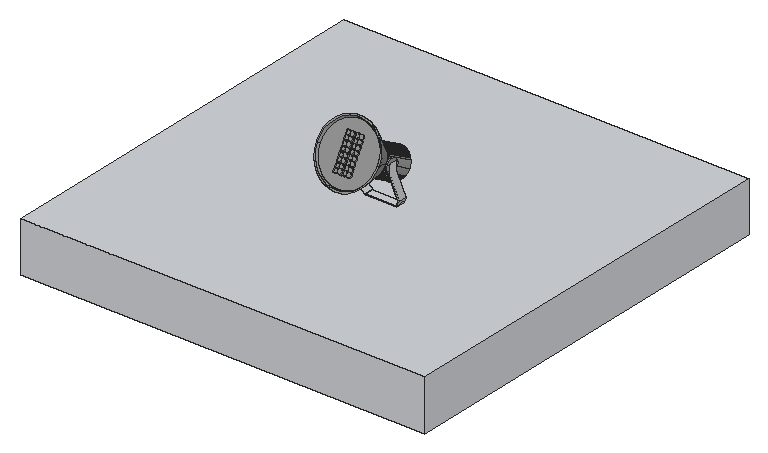
Revit family "LAMP_SHOT 380 G2", category Modelos genéricos, Revit 2018
Family settings
  Anfitrión = Cara
  Puede alojar armadura = No
  Cota de conector redondo = Diámetro de uso
  Tipo de pieza = Normal
  Corte con vacíos al cargar = No
  Compartido = No
  Punto de cálculo de habitación = No
Parameters (values of type "4721LM 3000 SPOT")
  Weight = 12.204 kg
  Type = "HI POWER PHILIPS"
  Tilting [instance] = 30.00°
  Protection rating = "IP65 / IK08"
  Product datasheet = "http://www.lamp.es/product-files/TECH/SH23807SP830NG-EN.pdf"
  Product code = "SH23807SP830NG"
  Product URL = "http://www.lamp.es/en/family/shot_33486"
  Power Supply = "220-240V 50/60Hz"
  Power = 45 W
  Plum = 51.1 W
  Photometric web file = Cabeza Shot : 4721LM 3000 SPOT
  Modelo = Product code  # "SH23807SP830NG"
  Model explanation = "Availability of tilting between -50º and 205º when placed in a project."
  Manufacturer name = "LAMP"
  Manufacturer country = "Spain"
  Manufacturer URL = "http://www.lamp.es/en"
  MacAdam = "3"
  Luminaire type = "Outdoor - Spotlight"
  Last update = "21/02/2022"
  Lamp = "HIGH POWER LED"
  LED Lifetime = "50.000 L90 B10"
  Insulation class = "I"
  Installation instructions = "http://www.lamp.es/product-files/INS/1003950-D-INSTR.%20SHOT%20LED%20VIAL%20290-380.pdf"
  Initial intensity = 4721 lm
  Initial color = 3000 K
  IEE = ""
  Gear = "Electronic"
  Finish = "Texturised grey"
  Fabricante = Manufacturer name  # "LAMP"
  Default Elevation = 1219.2 mm
  Efficacy = 92.4 lm/W
  Descripción = "SHOT 380 G2 7000 8WW SP GR."
  Comentarios de tipo = Model explanation  # "Availability of tilting between -50º and 205º when placed in a project."
  CRI = "80"
  Angulo de rotacion [instance] = if(Tilting > 205.00°, 245.00°, if(Tilting < -50.00°, 140.00°, -Tilting + 90.00°))  # 60.00°
Reference planes
  plane 1 "Centro (Frontal/Posterior)": y = 0
  plane 2: z = 0
  plane 3 "Centro (Izquierda/Derecha)": x = 0
  plane 4: y = -82.648
  plane 5: z = 253.159
Forms (mm)
  Extrusion 1, solid
    sketch origin (0, 0, 0) x (1, 0, 0) y (0, 1, 0)
      loop
        line (-1219.2, 1219.2) -> (-1219.2, -1219.2) -> (1219.2, -1219.2) -> (1219.2, 1219.2) -> (-1219.2, 1219.2)
    from 0 to -304.8
  Extrusion 2, solid
    sketch origin (0, 0, 0) x (0, 1, 0) y (0, 0, 1)
      loop
        line (25, 0) -> (25, 12.8) -> (-56.332, 221.405)
        arc (-56.332, 221.405) -> (-57.353, 224.974) -> (-57.698, 228.67) r 20
        line (-57.698, 228.67) -> (-57.698, 268.209) -> (-62.648, 273.159) -> (-102.648, 273.159) -> (-107.597, 268.209) -> (-107.597, 217.97)
        arc (-107.597, 217.97) -> (-107.253, 214.274) -> (-106.231, 210.705) r 20
        line (-106.231, 210.705) -> (-24.081, 0) -> (25, 0)
      loop
        circle (-64.448, 253.109) r 2.75
      loop
        circle (-100.847, 253.109) r 2.75
      loop
        circle (-82.648, 253.159) r 5.5
    from -117 to 117
  Extrusion 3, void
    sketch origin (0, 0, 0) x (1, 0, 0) y (0, 0, 1)
      loop
        arc (89.665, 4) -> (92.249, 4.719) -> (94.089, 6.67) r 5
        line (94.089, 6.67) -> (113.442, 43.423)
        arc (113.442, 43.423) -> (113.872, 44.553) -> (114.018, 45.753) r 5
        line (114.018, 45.753) -> (114.018, 273.159) -> (-114.018, 273.159) -> (-114.018, 45.214)
        arc (-114.018, 45.214) -> (-113.872, 44.014) -> (-113.442, 42.884) r 5
        line (-113.442, 42.884) -> (-94.373, 6.67)
        arc (-94.373, 6.67) -> (-92.533, 4.719) -> (-89.949, 4) r 5
        line (-89.949, 4) -> (89.665, 4)
      loop
        arc (97.769, 5.074) -> (94.273, 1.367) -> (89.363, 0) r 9.5
        line (89.363, 0) -> (129.363, 0) -> (129.363, 273.159) -> (118.018, 273.159) -> (118.018, 228.964) -> (118.018, 44.764)
        arc (118.018, 44.764) -> (117.872, 43.564) -> (117.442, 42.435) r 5
        line (117.442, 42.435) -> (97.769, 5.074)
      loop
        line (-97.769, 5.074) -> (-117.442, 42.435)
        arc (-117.442, 42.435) -> (-117.872, 43.564) -> (-118.018, 44.764) r 5
        line (-118.018, 44.764) -> (-118.018, 228.964) -> (-118.018, 273.159) -> (-122.492, 273.159) -> (-122.492, 0) -> (-89.363, 0)
        arc (-89.363, 0) -> (-94.273, 1.367) -> (-97.769, 5.074) r 9.5
    from -25 to 107.597
Cuts and joins
  Extrusion 3 cuts Extrusion 2
Lines and regions (mm)
  reference lines
    curve 1: line (0, -82.648, 253.159) -> (0, -135.524, 283.687)
Text (mm)
  text "Any modification of the parameters and properties of the LAMP BIM models must be executed and validated by the LAMP technical department.\nPhone: +34 93 736 68 00\nE-mail: lamp@lamp.es\n\nLAMP reserves the right to modify the technical specifications of its products." at (15666.559, 20392.807, -6916.151), in view "Preview"
Dimensions and locks
  "Angulo de rotacion": angle curve 1 to plane 4
  aligned and locked: plane 2 to Extrusion 1
  aligned and locked: level to Extrusion 1
  aligned and locked: plane 4 to curve 1
  aligned and locked: plane 5 to curve 1
Automatic sketch dimensions
  Extrusion 1 sketch curve to Extrusion 1 sketch curve = 2438.4 mm  (x2)
  Extrusion 2 sketch curve to plane 4 = 0 mm
  Extrusion 2 sketch curve to level = 0 mm
  plane 5 to Extrusion 2 sketch curve = 0 mm
  Extrusion 2 sketch curve to plane 4 = 4.95 mm
  plane 5 to Extrusion 2 sketch curve = 0.05 mm  (x2)
  Extrusion 2 sketch curve to plane 4 = 18.2 mm
  Extrusion 2 sketch curve to plane 4 = 20 mm
  Extrusion 2 sketch curve to Extrusion 2 sketch curve = 18.634 mm
  Extrusion 2 sketch curve to Extrusion 2 sketch curve = 4.95 mm  (x3)
  plane 4 to Extrusion 2 sketch curve = 18.2 mm
  plane 4 to Extrusion 2 sketch curve = 20 mm
  Extrusion 2 sketch curve to Extrusion 2 sketch curve = 1.366 mm
  Extrusion 2 sketch curve to Extrusion 2 sketch curve = 20 mm
  plane 1 "Centro (Frontal/Posterior)" to Extrusion 2 sketch curve = 24.081 mm
  Extrusion 2 sketch curve to plane 1 "Centro (Frontal/Posterior)" = 25 mm
  Extrusion 2 sketch curve to Extrusion 2 sketch curve = 12.8 mm
  plane 5 to Extrusion 2 sketch curve = 42.454 mm
  Extrusion 2 sketch curve to Extrusion 2 sketch curve = 3.435 mm
  Extrusion 2 sketch curve to plane 5 = 15.05 mm  (x2)
  Extrusion 3 sketch curve to level = 0 mm  (x2)
  Extrusion 3 sketch curve to plane 5 = 20 mm  (x2)
  Extrusion 3 sketch curve to plane 3 "Centro (Izquierda/Derecha)" = 122.492 mm
  Extrusion 3 sketch curve to Extrusion 3 sketch curve = 4.474 mm
  level to Extrusion 3 sketch curve = 42.435 mm  (x2)
  Extrusion 3 sketch curve to Extrusion 3 sketch curve = 0.576 mm  (x2)
  Extrusion 3 sketch curve to Extrusion 3 sketch curve = 4 mm  (x5)
  level to Extrusion 3 sketch curve = 42.884 mm
  Extrusion 3 sketch curve to Extrusion 3 sketch curve = 1 mm
  level to Extrusion 3 sketch curve = 5.074 mm  (x2)
  Extrusion 3 sketch curve to Extrusion 3 sketch curve = 24.723 mm
  level to Extrusion 3 sketch curve = 6.67 mm  (x2)
  Extrusion 3 sketch curve to Extrusion 3 sketch curve = 3.396 mm
  Extrusion 3 sketch curve to Extrusion 3 sketch curve = 4.424 mm  (x2)
  Extrusion 3 sketch curve to Extrusion 3 sketch curve = 0.586 mm
  level to Extrusion 3 sketch curve = 9.5 mm
  plane 3 "Centro (Izquierda/Derecha)" to Extrusion 3 sketch curve = 89.363 mm
  Extrusion 3 sketch curve to Extrusion 3 sketch curve = 0.302 mm
  Extrusion 3 sketch curve to Extrusion 3 sketch curve = 19.655 mm
  level to Extrusion 3 sketch curve = 43.423 mm
  Extrusion 3 sketch curve to Extrusion 3 sketch curve = 0.424 mm
  plane 3 "Centro (Izquierda/Derecha)" to Extrusion 3 sketch curve = 114.018 mm
  plane 5 to Extrusion 3 sketch curve = 24.194 mm  (x2)
  Extrusion 3 sketch curve to Extrusion 3 sketch curve = 11.345 mm
  level to Extrusion 3 sketch curve = 4 mm
  Extrusion 3 sketch curve to Extrusion 3 sketch curve = 0 mm
  radius of Extrusion 2 sketch curve = 2.75 mm  (x2)
  radius of Extrusion 2 sketch curve = 5.5 mm
Nested families
  nested 1: "Cabeza Shot" at (0, -1504.228, 1073.909) x (-1, 0, 0) z (0, 0.866, -0.5), type <- "Photometric web file", type "4721LM 3000 SPOT"
Connectors
  electrical at (0, 100.637, 203.616)
    settings: on nested 1, index 1, voltage 230 V, apparent load 0 VA, apparent load phase1 0 VA, apparent load phase2 0 VA, apparent load phase3 0 VA, power factor 1, load classification "Otro", number of poles 1, system type 31, power factor state 1, is connector primary yes, connector utility no, sub classification motor no, connector description ""
Definition of nested family "Cabeza Shot"
  Parameters (values of type "4721LM 3000 SPOT")
    Tilt Angle = 90.00°
    Wattage = 51.1 W
    built-in parameter 1150110 = 1 (stored number, unit not read)
    Material serigrafiado = none
    Material cristal = none
    Material cabeza = none
    built-in parameter 1114217 = 1 (stored number, unit not read)
    built-in parameter 1150109 = 1 (stored number, unit not read)
    Default Elevation = 1219.2 mm
    Dist. luz = 20 mm
    built-in parameter 1150134 = (empty or 0)
    built-in parameter 1150113 = 1 (stored number, unit not read)
    Lumens = 4721.64 lm
    built-in parameter 1150115 = 1 (stored number, unit not read)
    built-in parameter 1150105 = 375.74 (stored number, unit not read)
    built-in parameter 1150137 = (empty or 0)
    built-in parameter 1150139 = (empty or 0)
    built-in parameter 1150112 = 1 (stored number, unit not read)
    built-in parameter 1150114 = 1 (stored number, unit not read)
    built-in parameter 1150132 = 2
    built-in parameter 1150102 = (empty or 0)
    built-in parameter 1150138 = (empty or 0)
    built-in parameter 1150107 = 3000 (stored number, unit not read)
    built-in parameter 1150106 = 3.7574 (stored number, unit not read)
    built-in parameter 1150104 = 8.5842 (stored number, unit not read)
    Dimming Lamp Color Temperature Shift = (empty or 0)
    Color Filter = 16777215
    built-in parameter 1114218 = 1 (stored number, unit not read)
    Photometric Web File = "SH23807SP830NG.IES"
    built-in parameter 1150133 = 10 (stored number, unit not read)
  Types (13, lengths in mm): name | Wattage | built-in parameter 1150134 | Lumens | built-in parameter 1150105 | built-in parameter 1150107 | built-in parameter 1150106 | built-in parameter 1150104 | Photometric Web File
    (no name) | 51.1 W | (empty or 0) | 4721.64 lm | 375.74 (stored number, unit not read) | 3000 (stored number, unit not read) | 3.7574 (stored number, unit not read) | 8.5842 (stored number, unit not read) | "SH23807SP830NG.IES"
    4721LM 3000 SPOT | 51.1 W | (empty or 0) | 4721.64 lm | 375.74 (stored number, unit not read) | 3000 (stored number, unit not read) | 3.7574 (stored number, unit not read) | 8.5842 (stored number, unit not read) | "SH23807SP830NG.IES"
    4788LM 3000 MEDIUM FLOOD | 51.1 W | (empty or 0) | 4788.07 lm | 43728.9 (stored number, unit not read) | 3000 (stored number, unit not read) | 437.29 (stored number, unit not read) | 8.705 (stored number, unit not read) | "SH23807MF830NG.IES"
    4920LM 3000 STREET | 51.1 W | (empty or 0) | 4920.93 lm | 18091.5 (stored number, unit not read) | 3000 (stored number, unit not read) | 180.91 (stored number, unit not read) | 8.9466 (stored number, unit not read) | "SH23807ST830NG.IES"
    4970LM 4000 SPOT | 51.1 W | 12 | 4972.03 lm | 4196.8 (stored number, unit not read) | 4000 (stored number, unit not read) | 41.968 (stored number, unit not read) | 9.0395 (stored number, unit not read) | "SH23807SP840NG.IES"
    5040LM 4000 MEDIUM FLOOD | 51.1 W | 12 | 5038.46 lm | 46015.7 (stored number, unit not read) | 4000 (stored number, unit not read) | 460.16 (stored number, unit not read) | 9.1602 (stored number, unit not read) | "SH23807MF840NG.IES"
    5179LM 4000 STREET | 51.1 W | 12 | 5181.54 lm | 19049.6 (stored number, unit not read) | 4000 (stored number, unit not read) | 190.5 (stored number, unit not read) | 9.4204 (stored number, unit not read) | "SH23807ST840NG.IES"
    7003LM 3000 SPOT | 82.5 W | (empty or 0) | 7004.25 lm | 25750.7 (stored number, unit not read) | 3000 (stored number, unit not read) | 257.51 (stored number, unit not read) | 7.8875 (stored number, unit not read) | "SH23811SP830NG.IES"
    7102LM 3000 MEDIUM FLOOD | 82.5 W | (empty or 0) | 7103.25 lm | 64873.2 (stored number, unit not read) | 3000 (stored number, unit not read) | 648.73 (stored number, unit not read) | 7.999 (stored number, unit not read) | "SH23811MF830NG.IES"
    7297LM 3000 STREET | 82.5 W | (empty or 0) | 7293 lm | 26812.2 (stored number, unit not read) | 3000 (stored number, unit not read) | 268.12 (stored number, unit not read) | 8.2126 (stored number, unit not read) | "SH23811ST830NG.IES"
    7372LM 4000 SPOT | 82.5 W | 12 | 7375.5 lm | 6225.5 (stored number, unit not read) | 4000 (stored number, unit not read) | 62.255 (stored number, unit not read) | 8.3055 (stored number, unit not read) | "SH23811SP840NG.IES"
    7475LM 4000 MEDIUM FLOOD | 82.5 W | 12 | 7474.5 lm | 68263.8 (stored number, unit not read) | 4000 (stored number, unit not read) | 682.64 (stored number, unit not read) | 8.417 (stored number, unit not read) | "SH23811MF840NG.IES"
    7682LM 4000 STREET | 82.5 W | 12 | 7680.75 lm | 28237.8 (stored number, unit not read) | 4000 (stored number, unit not read) | 282.38 (stored number, unit not read) | 8.6493 (stored number, unit not read) | "SH23811ST840NG.IES"
  Reference planes
    plane 1 "Eje de origen de luz (F/P)": y = 0
    plane 2: z = 0
    plane 3 "Eje de origen de luz (I/D)": x = 0
    plane 4 "Elevación de origen de luz": z = 1400
    plane 5: z = 1420
  Forms (mm)
    Extrusion 1, void
      sketch origin (0, 0, 1565) x (0, -1, 0) y (1, 0, 0)
        loop
          line (-12.5, -89.128) -> (-12.5, -53.047)
          arc (-12.5, -53.047) -> (-54.5, 0) -> (-12.5, 53.047) r 54.5
          line (-12.5, 53.047) -> (-12.5, 89.128) -> (-92.5, 89.128) -> (-92.5, -89.128) -> (-12.5, -89.128)
        loop
          line (12.5, -89.128) -> (92.5, -89.128) -> (92.5, 89.128) -> (12.5, 89.128) -> (12.5, 53.047)
          arc (12.5, 53.047) -> (54.5, 0) -> (12.5, -53.047) r 54.5
          line (12.5, -53.047) -> (12.5, -89.128)
      from 20 to 65
    Extrusion 2, solid, material <- "Material serigrafiado"
      sketch origin (0, 0, 1411) x (0, -1, 0) y (1, 0, 0)
        loop
          circle (0, 0) r 176.33
        loop
          line (-52.5, -2) -> (-52.5, -52.5) -> (-2, -52.5) -> (-2, -2) -> (-52.5, -2)
        loop
          line (52.5, -2) -> (2, -2) -> (2, -52.5) -> (52.5, -52.5) -> (52.5, -2)
        loop
          line (-52.5, 2) -> (-2, 2) -> (-2, 52.5) -> (-52.5, 52.5) -> (-52.5, 2)
        loop
          line (52.5, 2) -> (52.5, 52.5) -> (2, 52.5) -> (2, 2) -> (52.5, 2)
        loop
          line (-107, -2) -> (-107, -52.5) -> (-56.5, -52.5) -> (-56.5, -2) -> (-107, -2)
        loop
          line (-107, 2) -> (-56.5, 2) -> (-56.5, 52.5) -> (-107, 52.5) -> (-107, 2)
        loop
          line (107, -2) -> (56.5, -2) -> (56.5, -52.5) -> (107, -52.5) -> (107, -2)
        loop
          line (107, 2) -> (107, 52.5) -> (56.5, 52.5) -> (56.5, 2) -> (107, 2)
      from 19 to 29
    Extrusion 3, solid, material <- "Material cristal"
      sketch origin (0, 0, 1411) x (0, -1, 0) y (1, 0, 0)
        loop
          circle (-39.875, -39.875) r 12.5
        loop
          circle (-39.875, -14.525) r 12.5
        loop
          circle (-14.625, -39.875) r 12.5
        loop
          circle (-14.625, -14.525) r 12.5
        loop
          circle (-39.875, 39.875) r 12.5
        loop
          circle (-39.875, 14.525) r 12.5
        loop
          circle (-14.625, 39.875) r 12.5
        loop
          circle (-14.625, 14.525) r 12.5
        loop
          circle (39.875, -39.875) r 12.5
        loop
          circle (39.875, -14.525) r 12.5
        loop
          circle (14.625, -39.875) r 12.5
        loop
          circle (14.625, -14.525) r 12.5
        loop
          circle (39.875, 39.875) r 12.5
        loop
          circle (39.875, 14.525) r 12.5
        loop
          circle (14.625, 39.875) r 12.5
        loop
          circle (14.625, 14.525) r 12.5
        loop
          circle (-94.406, -39.875) r 12.5
        loop
          circle (-94.406, -14.525) r 12.5
        loop
          circle (-69.156, -39.875) r 12.5
        loop
          circle (-69.156, -14.525) r 12.5
        loop
          circle (-94.406, 39.875) r 12.5
        loop
          circle (-94.406, 14.525) r 12.5
        loop
          circle (-69.156, 39.875) r 12.5
        loop
          circle (-69.156, 14.525) r 12.5
        loop
          circle (94.406, -39.875) r 12.5
        loop
          circle (94.406, -14.525) r 12.5
        loop
          circle (69.156, -39.875) r 12.5
        loop
          circle (69.156, -14.525) r 12.5
        loop
          circle (94.406, 39.875) r 12.5
        loop
          circle (94.406, 14.525) r 12.5
        loop
          circle (69.156, 39.875) r 12.5
        loop
          circle (69.156, 14.525) r 12.5
      from 19 to 29
    Extrusion 4, solid
      sketch origin (0, 0, 1460) x (0, -1, 0) y (1, 0, 0)
        loop
          arc (7.451, -19.911) -> (7.978, -19.693) -> (8.196, -19.165) r 0.745
          line (8.196, -19.165) -> (8.196, -14.626)
          arc (8.196, -14.626) -> (8.052, -14.176) -> (7.673, -13.893) r 0.775
          line (7.673, -13.893) -> (-5.522, -9.353) -> (7.601, -4.838)
          arc (7.601, -4.838) -> (7.957, -4.572) -> (8.092, -4.15) r 0.727
          line (8.092, -4.15) -> (8.092, -0.729)
          arc (8.092, -0.729) -> (7.879, -0.213) -> (7.363, 0) r 0.729
          line (7.363, 0) -> (-5.453, 0) -> (-1.499, 3.954) -> (-5.605, 8.059) -> (7.489, 8.059)
          arc (7.489, 8.059) -> (7.989, 8.267) -> (8.196, 8.767) r 0.708
          line (8.196, 8.767) -> (8.196, 13.844)
          arc (8.196, 13.844) -> (7.972, 14.385) -> (7.43, 14.61) r 0.766
          line (7.43, 14.61) -> (-4.969, 14.61)
          arc (-4.969, 14.61) -> (-5.493, 14.826) -> (-5.71, 15.35) r 0.74
          line (-5.71, 15.35) -> (-5.71, 18.794)
          arc (-5.71, 18.794) -> (-5.486, 19.333) -> (-4.947, 19.556) r 0.762
          line (-4.947, 19.556) -> (-2.345, 19.556)
          arc (-2.345, 19.556) -> (-1.81, 19.334) -> (-1.588, 18.799) r 0.758
          line (-1.588, 18.799) -> (-1.588, 15.627)
          arc (-1.588, 15.627) -> (-0.763, 14.803) -> (0.061, 15.627) r 0.824
          line (0.061, 15.627) -> (0.061, 20.466)
          arc (0.061, 20.466) -> (-0.155, 20.988) -> (-0.678, 21.205) r 0.739
          line (-0.678, 21.205) -> (-6.583, 21.205)
          arc (-6.583, 21.205) -> (-7.131, 20.978) -> (-7.359, 20.429) r 0.776
          line (-7.359, 20.429) -> (-7.359, 13.727)
          arc (-7.359, 13.727) -> (-7.134, 13.185) -> (-6.593, 12.961) r 0.766
          line (-6.593, 12.961) -> (5.802, 12.961)
          arc (5.802, 12.961) -> (6.344, 12.736) -> (6.569, 12.195) r 0.766
          line (6.569, 12.195) -> (6.569, 10.499)
          arc (6.569, 10.499) -> (6.346, 9.96) -> (5.807, 9.737) r 0.762
          line (5.807, 9.737) -> (-5.841, 9.737)
          arc (-5.841, 9.737) -> (-7.503, 8.541) -> (-6.897, 6.585) r 1.753
          line (-6.897, 6.585) -> (-4.266, 3.954) -> (-6.897, 1.323)
          arc (-6.897, 1.323) -> (-7.503, -0.633) -> (-5.841, -1.829) r 1.753
          line (-5.841, -1.829) -> (5.62, -1.829)
          arc (5.62, -1.829) -> (6.553, -2.619) -> (5.928, -3.669) r 0.946
          line (5.928, -3.669) -> (-6.305, -7.877)
          arc (-6.305, -7.877) -> (-7.359, -9.353) -> (-6.305, -10.829) r 1.561
          line (-6.305, -10.829) -> (6.05, -15.078)
          arc (6.05, -15.078) -> (6.426, -15.359) -> (6.569, -15.805) r 0.768
          line (6.569, -15.805) -> (6.569, -17.529)
          arc (6.569, -17.529) -> (6.354, -18.047) -> (5.836, -18.262) r 0.733
          line (5.836, -18.262) -> (-6.622, -18.262)
          arc (-6.622, -18.262) -> (-7.446, -19.086) -> (-6.622, -19.911) r 0.824
          line (-6.622, -19.911) -> (7.451, -19.911)
      from 365 to 366
    Revolve 5, solid, material <- "Material cabeza"
      sketch origin (0, 0, 175) x (1, 0, 0) y (0, 0, 1)
        loop
          line (90, 1420) -> (90, 1650) -> (0, 1650) -> (0, 1420) -> (85, 1420) -> (90, 1420)
        axis (0, 1650) -> (0, 1420)
      angle from 0 to 360
    Extrusion 6, void
      sketch origin (0, 0, 1575) x (0, -1, 0) y (1, 0, 0)
        loop
          arc (77.945, -53.1) -> (79.496, -50.873) -> (80.98, -48.6) r 90
          line (80.98, -48.6) -> (-80.88, -48.6)
          arc (-80.88, -48.6) -> (-79.408, -50.873) -> (-77.868, -53.1) r 90
          line (-77.868, -53.1) -> (77.945, -53.1)
        loop
          arc (89.817, -46) -> (91.051, -43.767) -> (92.221, -41.5) r 90
          line (92.221, -41.5) -> (-85.289, -41.5)
          arc (-85.289, -41.5) -> (-84.068, -43.768) -> (-82.784, -46) r 90
          line (-82.784, -46) -> (89.817, -46)
        loop
          arc (90.244, -38.9) -> (91.27, -36.664) -> (92.234, -34.4) r 90
          line (92.234, -34.4) -> (-88.096, -34.4)
          arc (-88.096, -34.4) -> (-87.105, -36.664) -> (-86.053, -38.9) r 90
          line (-86.053, -38.9) -> (90.244, -38.9)
        loop
          arc (93.151, -31.8) -> (93.98, -29.511) -> (94.747, -27.2) r 90
          line (94.747, -27.2) -> (-90.762, -27.2)
          arc (-90.762, -27.2) -> (-90.003, -29.511) -> (-89.182, -31.8) r 90
          line (-89.182, -31.8) -> (93.151, -31.8)
        loop
          line (96.162, -20.002) -> (14.323, -20.002)
          arc (14.323, -20.002) -> (0, -24.601) -> (-14.323, -20.002) r 24.601
          line (-14.323, -20.002) -> (-92.905, -20.002)
          arc (-92.905, -20.002) -> (-92.307, -22.466) -> (-91.639, -24.912) r 89.999
          line (-91.639, -24.912) -> (94.896, -24.912)
          arc (94.896, -24.912) -> (95.564, -22.466) -> (96.162, -20.002) r 89.999
        loop
          line (17.4, -17.4) -> (95.682, -17.4)
          arc (95.682, -17.4) -> (96.097, -15.105) -> (96.451, -12.8) r 90
          line (96.451, -12.8) -> (21.016, -12.8)
          arc (21.016, -12.8) -> (19.345, -15.208) -> (17.4, -17.4) r 24.607
        loop
          arc (23.962, -5.6) -> (23.292, -7.939) -> (22.394, -10.2) r 24.607
          line (22.394, -10.2) -> (96.141, -10.2)
          arc (96.141, -10.2) -> (96.388, -7.903) -> (96.575, -5.6) r 90
          line (96.575, -5.6) -> (23.962, -5.6)
        loop
          line (24.5, -2.3) -> (98.648, -2.3)
          arc (98.648, -2.3) -> (98.684, 0) -> (98.661, 2.3) r 90
          line (98.661, 2.3) -> (24.5, 2.3)
          arc (24.5, 2.3) -> (24.607, 0) -> (24.5, -2.3) r 24.607
        loop
          line (81.988, 53.1) -> (-77.922, 53.1)
          arc (-77.922, 53.1) -> (-79.482, 50.873) -> (-80.974, 48.6) r 90
          line (-80.974, 48.6) -> (84.861, 48.6)
          arc (84.861, 48.6) -> (83.458, 50.871) -> (81.988, 53.1) r 90
        loop
          line (82.784, 46) -> (-82.237, 46)
          arc (-82.237, 46) -> (-83.495, 43.767) -> (-84.689, 41.5) r 90
          line (-84.689, 41.5) -> (85.289, 41.5)
          arc (85.289, 41.5) -> (84.068, 43.768) -> (82.784, 46) r 90
        loop
          line (86.044, 38.9) -> (-85.348, 38.9)
          arc (-85.348, 38.9) -> (-86.377, 36.664) -> (-87.344, 34.4) r 90
          line (-87.344, 34.4) -> (88.051, 34.4)
          arc (88.051, 34.4) -> (87.078, 36.664) -> (86.044, 38.9) r 90
        loop
          line (91.251, 31.8) -> (-88.03, 31.8)
          arc (-88.03, 31.8) -> (-88.838, 29.51) -> (-89.583, 27.2) r 90
          line (-89.583, 27.2) -> (92.847, 27.2)
          arc (92.847, 27.2) -> (92.08, 29.511) -> (91.251, 31.8) r 90
        loop
          arc (92.906, 20) -> (92.307, 22.465) -> (91.64, 24.912) r 90
          line (91.64, 24.912) -> (-92.574, 24.912)
          arc (-92.574, 24.912) -> (-93.221, 22.465) -> (-93.798, 20) r 90
          line (-93.798, 20) -> (-14.336, 20)
          arc (-14.336, 20) -> (0, 24.607) -> (14.336, 20) r 24.607
          line (14.336, 20) -> (92.906, 20)
        loop
          arc (17.4, 17.4) -> (19.345, 15.208) -> (21.016, 12.8) r 24.607
          line (21.016, 12.8) -> (96.797, 12.8)
          arc (96.797, 12.8) -> (96.457, 15.105) -> (96.057, 17.4) r 90
          line (96.057, 17.4) -> (17.4, 17.4)
        loop
          line (23.962, 5.6) -> (96.067, 5.6)
          arc (96.067, 5.6) -> (95.894, 7.903) -> (95.662, 10.2) r 90
          line (95.662, 10.2) -> (22.394, 10.2)
          arc (22.394, 10.2) -> (23.292, 7.939) -> (23.962, 5.6) r 24.607
        loop
          arc (-17.4, -17.4) -> (-19.345, -15.208) -> (-21.016, -12.8) r 24.607
          line (-21.016, -12.8) -> (-93.646, -12.8)
          arc (-93.646, -12.8) -> (-93.27, -15.105) -> (-92.834, -17.4) r 90
          line (-92.834, -17.4) -> (-17.4, -17.4)
        loop
          arc (-22.394, -10.2) -> (-23.292, -7.939) -> (-23.962, -5.6) r 24.607
          line (-23.962, -5.6) -> (-94.989, -5.6)
          arc (-94.989, -5.6) -> (-94.811, -7.903) -> (-94.574, -10.2) r 90
          line (-94.574, -10.2) -> (-22.394, -10.2)
        loop
          arc (-24.5, -2.3) -> (-24.607, 0) -> (-24.5, 2.3) r 24.607
          line (-24.5, 2.3) -> (-95.518, 2.3)
          arc (-95.518, 2.3) -> (-95.529, 0) -> (-95.481, -2.3) r 90
          line (-95.481, -2.3) -> (-24.5, -2.3)
        loop
          arc (-23.962, 5.6) -> (-23.292, 7.939) -> (-22.394, 10.2) r 24.607
          line (-22.394, 10.2) -> (-95.049, 10.2)
          arc (-95.049, 10.2) -> (-95.258, 7.902) -> (-95.408, 5.6) r 90
          line (-95.408, 5.6) -> (-23.962, 5.6)
        loop
          arc (-21.016, 12.8) -> (-19.345, 15.208) -> (-17.4, 17.4) r 24.607
          line (-17.4, 17.4) -> (-94.573, 17.4)
          arc (-94.573, 17.4) -> (-94.966, 15.105) -> (-95.299, 12.8) r 90
          line (-95.299, 12.8) -> (-21.016, 12.8)
        loop
          arc (77.945, -67.3) -> (79.496, -65.073) -> (80.98, -62.8) r 90
          line (80.98, -62.8) -> (-80.88, -62.8)
          arc (-80.88, -62.8) -> (-79.408, -65.073) -> (-77.868, -67.3) r 90
          line (-77.868, -67.3) -> (77.945, -67.3)
        loop
          arc (89.817, -60.2) -> (91.051, -57.967) -> (92.221, -55.7) r 90
          line (92.221, -55.7) -> (-85.289, -55.7)
          arc (-85.289, -55.7) -> (-84.068, -57.968) -> (-82.784, -60.2) r 90
          line (-82.784, -60.2) -> (89.817, -60.2)
        loop
          arc (77.945, -81.5) -> (79.496, -79.273) -> (80.98, -77) r 90
          line (80.98, -77) -> (-80.88, -77)
          arc (-80.88, -77) -> (-79.408, -79.273) -> (-77.868, -81.5) r 90
          line (-77.868, -81.5) -> (77.945, -81.5)
        loop
          arc (89.817, -74.4) -> (91.051, -72.167) -> (92.221, -69.9) r 90
          line (92.221, -69.9) -> (-85.289, -69.9)
          arc (-85.289, -69.9) -> (-84.068, -72.168) -> (-82.784, -74.4) r 90
          line (-82.784, -74.4) -> (89.817, -74.4)
        loop
          line (77.945, 67.3) -> (-77.868, 67.3)
          arc (-77.868, 67.3) -> (-79.408, 65.073) -> (-80.88, 62.8) r 90
          line (-80.88, 62.8) -> (80.98, 62.8)
          arc (80.98, 62.8) -> (79.496, 65.073) -> (77.945, 67.3) r 90
        loop
          line (89.817, 60.2) -> (-82.784, 60.2)
          arc (-82.784, 60.2) -> (-84.068, 57.968) -> (-85.289, 55.7) r 90
          line (-85.289, 55.7) -> (92.221, 55.7)
          arc (92.221, 55.7) -> (91.051, 57.967) -> (89.817, 60.2) r 90
        loop
          line (77.945, 81.5) -> (-77.868, 81.5)
          arc (-77.868, 81.5) -> (-79.408, 79.273) -> (-80.88, 77) r 90
          line (-80.88, 77) -> (80.98, 77)
          arc (80.98, 77) -> (79.496, 79.273) -> (77.945, 81.5) r 90
        loop
          line (89.817, 74.4) -> (-82.784, 74.4)
          arc (-82.784, 74.4) -> (-84.068, 72.168) -> (-85.289, 69.9) r 90
          line (-85.289, 69.9) -> (92.221, 69.9)
          arc (92.221, 69.9) -> (91.051, 72.167) -> (89.817, 74.4) r 90
      from 246.6 to 250
    Extrusion 7, void
      sketch origin (0, 0, 1575) x (0, -1, 0) y (1, 0, 0)
        loop
          line (-38.18, -81.5) -> (-24.14, -81.5)
          arc (-24.14, -81.5) -> (-30.154, -79.472) -> (-36, -77) r 85
          line (-36, -77) -> (-46.594, -77)
          arc (-46.594, -77) -> (-42.447, -79.362) -> (-38.18, -81.5) r 90
        loop
          line (-50.642, -74.4) -> (-41.105, -74.4)
          arc (-41.105, -74.4) -> (-44.791, -72.241) -> (-48.363, -69.9) r 85
          line (-48.363, -69.9) -> (-56.692, -69.9)
          arc (-56.692, -69.9) -> (-53.714, -72.213) -> (-50.642, -74.4) r 90
        loop
          line (-59.755, -67.3) -> (-51.92, -67.3)
          arc (-51.92, -67.3) -> (-54.647, -65.105) -> (-57.281, -62.8) r 85
          line (-57.281, -62.8) -> (-64.468, -62.8)
          arc (-64.468, -62.8) -> (-62.153, -65.093) -> (-59.755, -67.3) r 90
        loop
          line (-66.903, -60.2) -> (-60.2, -60.2)
          arc (-60.2, -60.2) -> (-62.334, -57.988) -> (-64.386, -55.7) r 85.136
          line (-64.386, -55.7) -> (-70.693, -55.7)
          arc (-70.693, -55.7) -> (-68.835, -57.981) -> (-66.903, -60.2) r 90
        loop
          line (-72.666, -53.1) -> (-66.373, -53.1)
          arc (-66.373, -53.1) -> (-68.091, -50.878) -> (-69.736, -48.6) r 85
          line (-69.736, -48.6) -> (-75.75, -48.6)
          arc (-75.75, -48.6) -> (-74.242, -50.873) -> (-72.666, -53.1) r 90
        loop
          line (-77.356, -46) -> (-71.477, -46)
          arc (-71.477, -46) -> (-72.864, -43.771) -> (-74.181, -41.5) r 85
          line (-74.181, -41.5) -> (-79.861, -41.5)
          arc (-79.861, -41.5) -> (-78.641, -43.768) -> (-77.356, -46) r 90
        loop
          line (-81.159, -38.9) -> (-75.576, -38.9)
          arc (-75.576, -38.9) -> (-76.685, -36.666) -> (-77.728, -34.4) r 85
          line (-77.728, -34.4) -> (-83.166, -34.4)
          arc (-83.166, -34.4) -> (-82.193, -36.664) -> (-81.159, -38.9) r 90
        loop
          line (-84.195, -31.8) -> (-78.827, -31.8)
          arc (-78.827, -31.8) -> (-79.712, -29.512) -> (-80.53, -27.2) r 85
          line (-80.53, -27.2) -> (-85.791, -27.2)
          arc (-85.791, -27.2) -> (-85.024, -29.511) -> (-84.195, -31.8) r 90
        loop
          line (-86.483, -24.912) -> (-81.267, -24.912)
          arc (-81.267, -24.912) -> (-81.977, -22.467) -> (-82.613, -20.002) r 85
          line (-82.613, -20.002) -> (-87.749, -20.002)
          arc (-87.749, -20.002) -> (-87.151, -22.466) -> (-86.483, -24.912) r 90
        loop
          line (-88.302, -17.4) -> (-83.2, -17.4)
          arc (-83.2, -17.4) -> (-83.647, -15.106) -> (-84.031, -12.8) r 85
          line (-84.031, -12.8) -> (-89.085, -12.8)
          arc (-89.085, -12.8) -> (-88.723, -15.105) -> (-88.302, -17.4) r 90
        loop
          line (-89.42, -10.2) -> (-84.386, -10.2)
          arc (-84.386, -10.2) -> (-84.632, -7.903) -> (-84.815, -5.6) r 85
          line (-84.815, -5.6) -> (-89.826, -5.6)
          arc (-89.826, -5.6) -> (-89.652, -7.903) -> (-89.42, -10.2) r 90
        loop
          arc (-38.18, 81.5) -> (-42.447, 79.362) -> (-46.594, 77) r 90
          line (-46.594, 77) -> (-36, 77)
          arc (-36, 77) -> (-30.154, 79.472) -> (-24.14, 81.5) r 85
          line (-24.14, 81.5) -> (-38.18, 81.5)
        loop
          arc (-50.642, 74.4) -> (-53.714, 72.213) -> (-56.692, 69.9) r 90
          line (-56.692, 69.9) -> (-48.363, 69.9)
          arc (-48.363, 69.9) -> (-44.791, 72.241) -> (-41.105, 74.4) r 85
          line (-41.105, 74.4) -> (-50.642, 74.4)
        loop
          arc (-59.755, 67.3) -> (-62.153, 65.093) -> (-64.468, 62.8) r 90
          line (-64.468, 62.8) -> (-57.281, 62.8)
          arc (-57.281, 62.8) -> (-54.647, 65.105) -> (-51.92, 67.3) r 85
          line (-51.92, 67.3) -> (-59.755, 67.3)
        loop
          arc (-66.903, 60.2) -> (-68.835, 57.981) -> (-70.693, 55.7) r 90
          line (-70.693, 55.7) -> (-64.386, 55.7)
          arc (-64.386, 55.7) -> (-62.334, 57.988) -> (-60.2, 60.2) r 85.136
          line (-60.2, 60.2) -> (-66.903, 60.2)
        loop
          arc (-72.666, 53.1) -> (-74.242, 50.873) -> (-75.75, 48.6) r 90
          line (-75.75, 48.6) -> (-69.736, 48.6)
          arc (-69.736, 48.6) -> (-68.091, 50.878) -> (-66.373, 53.1) r 85
          line (-66.373, 53.1) -> (-72.666, 53.1)
        loop
          arc (-77.356, 46) -> (-78.641, 43.768) -> (-79.861, 41.5) r 90
          line (-79.861, 41.5) -> (-74.181, 41.5)
          arc (-74.181, 41.5) -> (-72.864, 43.771) -> (-71.477, 46) r 85
          line (-71.477, 46) -> (-77.356, 46)
        loop
          arc (-81.159, 38.9) -> (-82.193, 36.664) -> (-83.166, 34.4) r 90
          line (-83.166, 34.4) -> (-77.728, 34.4)
          arc (-77.728, 34.4) -> (-76.685, 36.666) -> (-75.576, 38.9) r 85
          line (-75.576, 38.9) -> (-81.159, 38.9)
        loop
          arc (-84.195, 31.8) -> (-85.024, 29.511) -> (-85.791, 27.2) r 90
          line (-85.791, 27.2) -> (-80.53, 27.2)
          arc (-80.53, 27.2) -> (-79.712, 29.512) -> (-78.827, 31.8) r 85
          line (-78.827, 31.8) -> (-84.195, 31.8)
        loop
          arc (-86.483, 24.912) -> (-87.151, 22.466) -> (-87.749, 20.002) r 90
          line (-87.749, 20.002) -> (-82.613, 20.002)
          arc (-82.613, 20.002) -> (-81.977, 22.467) -> (-81.267, 24.912) r 85
          line (-81.267, 24.912) -> (-86.483, 24.912)
        loop
          arc (-88.302, 17.4) -> (-88.723, 15.105) -> (-89.085, 12.8) r 90
          line (-89.085, 12.8) -> (-84.031, 12.8)
          arc (-84.031, 12.8) -> (-83.647, 15.106) -> (-83.2, 17.4) r 85
          line (-83.2, 17.4) -> (-88.302, 17.4)
        loop
          arc (-89.42, 10.2) -> (-89.652, 7.903) -> (-89.826, 5.6) r 90
          line (-89.826, 5.6) -> (-84.815, 5.6)
          arc (-84.815, 5.6) -> (-84.632, 7.903) -> (-84.386, 10.2) r 85
          line (-84.386, 10.2) -> (-89.42, 10.2)
        loop
          line (-89.971, -2.3) -> (-84.969, -2.3)
          arc (-84.969, -2.3) -> (-85, 0) -> (-84.969, 2.3) r 85
          line (-84.969, 2.3) -> (-89.971, 2.3)
          arc (-89.971, 2.3) -> (-90, 0) -> (-89.971, -2.3) r 90
        loop
          arc (38.18, -81.5) -> (42.447, -79.362) -> (46.594, -77) r 90
          line (46.594, -77) -> (36, -77)
          arc (36, -77) -> (30.154, -79.472) -> (24.14, -81.5) r 85
          line (24.14, -81.5) -> (38.18, -81.5)
        loop
          arc (50.642, -74.4) -> (53.714, -72.213) -> (56.692, -69.9) r 90
          line (56.692, -69.9) -> (48.363, -69.9)
          arc (48.363, -69.9) -> (44.791, -72.241) -> (41.105, -74.4) r 85
          line (41.105, -74.4) -> (50.642, -74.4)
        loop
          arc (59.755, -67.3) -> (62.153, -65.093) -> (64.468, -62.8) r 90
          line (64.468, -62.8) -> (57.281, -62.8)
          arc (57.281, -62.8) -> (54.647, -65.105) -> (51.92, -67.3) r 85
          line (51.92, -67.3) -> (59.755, -67.3)
        loop
          arc (66.903, -60.2) -> (68.835, -57.981) -> (70.693, -55.7) r 90
          line (70.693, -55.7) -> (64.386, -55.7)
          arc (64.386, -55.7) -> (62.334, -57.988) -> (60.2, -60.2) r 85.136
          line (60.2, -60.2) -> (66.903, -60.2)
        loop
          arc (72.666, -53.1) -> (74.242, -50.873) -> (75.75, -48.6) r 90
          line (75.75, -48.6) -> (69.736, -48.6)
          arc (69.736, -48.6) -> (68.091, -50.878) -> (66.373, -53.1) r 85
          line (66.373, -53.1) -> (72.666, -53.1)
        loop
          arc (77.356, -46) -> (78.641, -43.768) -> (79.861, -41.5) r 90
          line (79.861, -41.5) -> (74.181, -41.5)
          arc (74.181, -41.5) -> (72.864, -43.771) -> (71.477, -46) r 85
          line (71.477, -46) -> (77.356, -46)
        loop
          arc (81.159, -38.9) -> (82.193, -36.664) -> (83.166, -34.4) r 90
          line (83.166, -34.4) -> (77.728, -34.4)
          arc (77.728, -34.4) -> (76.685, -36.666) -> (75.576, -38.9) r 85
          line (75.576, -38.9) -> (81.159, -38.9)
        loop
          arc (84.195, -31.8) -> (85.024, -29.511) -> (85.791, -27.2) r 90
          line (85.791, -27.2) -> (80.53, -27.2)
          arc (80.53, -27.2) -> (79.712, -29.512) -> (78.827, -31.8) r 85
          line (78.827, -31.8) -> (84.195, -31.8)
        loop
          arc (86.483, -24.912) -> (87.151, -22.466) -> (87.749, -20.002) r 90
          line (87.749, -20.002) -> (82.613, -20.002)
          arc (82.613, -20.002) -> (81.977, -22.467) -> (81.267, -24.912) r 85
          line (81.267, -24.912) -> (86.483, -24.912)
        loop
          arc (88.302, -17.4) -> (88.723, -15.105) -> (89.085, -12.8) r 90
          line (89.085, -12.8) -> (84.031, -12.8)
          arc (84.031, -12.8) -> (83.647, -15.106) -> (83.2, -17.4) r 85
          line (83.2, -17.4) -> (88.302, -17.4)
        loop
          arc (89.42, -10.2) -> (89.652, -7.903) -> (89.826, -5.6) r 90
          line (89.826, -5.6) -> (84.815, -5.6)
          arc (84.815, -5.6) -> (84.632, -7.903) -> (84.386, -10.2) r 85
          line (84.386, -10.2) -> (89.42, -10.2)
        loop
          line (38.18, 81.5) -> (24.14, 81.5)
          arc (24.14, 81.5) -> (30.154, 79.472) -> (36, 77) r 85
          line (36, 77) -> (46.594, 77)
          arc (46.594, 77) -> (42.447, 79.362) -> (38.18, 81.5) r 90
        loop
          line (50.642, 74.4) -> (41.105, 74.4)
          arc (41.105, 74.4) -> (44.791, 72.241) -> (48.363, 69.9) r 85
          line (48.363, 69.9) -> (56.692, 69.9)
          arc (56.692, 69.9) -> (53.714, 72.213) -> (50.642, 74.4) r 90
        loop
          line (59.755, 67.3) -> (51.92, 67.3)
          arc (51.92, 67.3) -> (54.647, 65.105) -> (57.281, 62.8) r 85
          line (57.281, 62.8) -> (64.468, 62.8)
          arc (64.468, 62.8) -> (62.153, 65.093) -> (59.755, 67.3) r 90
        loop
          line (66.903, 60.2) -> (60.2, 60.2)
          arc (60.2, 60.2) -> (62.334, 57.988) -> (64.386, 55.7) r 85.136
          line (64.386, 55.7) -> (70.693, 55.7)
          arc (70.693, 55.7) -> (68.835, 57.981) -> (66.903, 60.2) r 90
        loop
          line (72.666, 53.1) -> (66.373, 53.1)
          arc (66.373, 53.1) -> (68.091, 50.878) -> (69.736, 48.6) r 85
          line (69.736, 48.6) -> (75.75, 48.6)
          arc (75.75, 48.6) -> (74.242, 50.873) -> (72.666, 53.1) r 90
        loop
          line (77.356, 46) -> (71.477, 46)
          arc (71.477, 46) -> (72.864, 43.771) -> (74.181, 41.5) r 85
          line (74.181, 41.5) -> (79.861, 41.5)
          arc (79.861, 41.5) -> (78.641, 43.768) -> (77.356, 46) r 90
        loop
          line (81.159, 38.9) -> (75.576, 38.9)
          arc (75.576, 38.9) -> (76.685, 36.666) -> (77.728, 34.4) r 85
          line (77.728, 34.4) -> (83.166, 34.4)
          arc (83.166, 34.4) -> (82.193, 36.664) -> (81.159, 38.9) r 90
        loop
          line (84.195, 31.8) -> (78.827, 31.8)
          arc (78.827, 31.8) -> (79.712, 29.512) -> (80.53, 27.2) r 85
          line (80.53, 27.2) -> (85.791, 27.2)
          arc (85.791, 27.2) -> (85.024, 29.511) -> (84.195, 31.8) r 90
        loop
          line (86.483, 24.912) -> (81.267, 24.912)
          arc (81.267, 24.912) -> (81.977, 22.467) -> (82.613, 20.002) r 85
          line (82.613, 20.002) -> (87.749, 20.002)
          arc (87.749, 20.002) -> (87.151, 22.466) -> (86.483, 24.912) r 90
        loop
          line (88.302, 17.4) -> (83.2, 17.4)
          arc (83.2, 17.4) -> (83.647, 15.106) -> (84.031, 12.8) r 85
          line (84.031, 12.8) -> (89.085, 12.8)
          arc (89.085, 12.8) -> (88.723, 15.105) -> (88.302, 17.4) r 90
        loop
          line (89.42, 10.2) -> (84.386, 10.2)
          arc (84.386, 10.2) -> (84.632, 7.903) -> (84.815, 5.6) r 85
          line (84.815, 5.6) -> (89.826, 5.6)
          arc (89.826, 5.6) -> (89.652, 7.903) -> (89.42, 10.2) r 90
        loop
          arc (89.971, -2.3) -> (90, 0) -> (89.971, 2.3) r 90
          line (89.971, 2.3) -> (84.969, 2.3)
          arc (84.969, 2.3) -> (85, 0) -> (84.969, -2.3) r 85
          line (84.969, -2.3) -> (89.971, -2.3)
      from 29 to 250
    Extrusion 8, void
      sketch origin (0, 0, 1575) x (0, -1, 0) y (1, 0, 0)
        loop
          line (-12.5, -89.128) -> (-12.5, -53.047)
          arc (-12.5, -53.047) -> (-54.5, 0) -> (-12.5, 53.047) r 54.5
          line (-12.5, 53.047) -> (-12.5, 89.128) -> (-92.5, 89.128) -> (-92.5, -89.128) -> (-12.5, -89.128)
        loop
          line (12.5, -89.128) -> (92.5, -89.128) -> (92.5, 89.128) -> (12.5, 89.128) -> (12.5, 53.047)
          arc (12.5, 53.047) -> (54.5, 0) -> (12.5, -53.047) r 54.5
          line (12.5, -53.047) -> (12.5, -89.128)
      from 20 to 65
    Extrusion 9, solid, material <- "Material cabeza"
      sketch origin (0, 0, 185) x (1, 0, 0) y (0, 0, 1)
        loop
          line (89.128, 1469) -> (89.128, 1444) -> (100, 1444) -> (100, 1469) -> (89.128, 1469)
      from -12.5 to 12.5
    Revolve 10, solid, material <- "Material cabeza"
      sketch origin (0, 0, 185) x (1, 0, 0) y (0, 0, 1)
        loop
          line (114, 1496.5) -> (105, 1496.5) -> (100, 1469) -> (100, 1456.5) -> (114, 1456.5) -> (114, 1496.5)
        axis (100, 1456.5) -> (114, 1456.5)
      angle from 0 to 360
    Extrusion 11, solid, material <- "Material cabeza"
      sketch origin (0, 0, 185) x (-1, 0, 0) y (0, 0, -1)
        loop
          line (89.128, -1469) -> (100, -1469) -> (100, -1444) -> (89.128, -1444) -> (89.128, -1469)
      from -12.5 to 12.5
    Revolve 12, solid, material <- "Material cabeza"
      sketch origin (0, 0, 185) x (-1, 0, 0) y (0, 0, 1)
        loop
          line (114, 1496.5) -> (105, 1496.5) -> (100, 1469) -> (100, 1456.5) -> (114, 1456.5) -> (114, 1496.5)
        axis (100, 1456.5) -> (114, 1456.5)
      angle from 0 to 360
    Revolve 13, solid, material <- "Material cabeza"
      sketch origin (0, 0, 0) x (1, 0, 0) y (0, 0, 1)
        loop
          line (0, 1620) -> (0, 1440) -> (171.836, 1440) -> (181.836, 1420) -> (190, 1420) -> (90, 1620) -> (0, 1620)
        axis (0, 1620) -> (0, 1420)
      angle from 0 to 360
  Cuts and joins
    joined: Extrusion 9, Revolve 10, Extrusion 11, Revolve 12
    Extrusion 1, Extrusion 6, Extrusion 7, Extrusion 8 cuts Revolve 5
  Dimensions and locks
    "Dist. luz": plane 5 to plane 4 "Elevación de origen de luz"
    aligned and locked: plane 3 "Eje de origen de luz (I/D)" to imposter light
    aligned and locked: plane 1 "Eje de origen de luz (F/P)" to imposter light
    aligned and locked: plane 4 "Elevación de origen de luz" to imposter light
    aligned and locked: plane 2 to level
  Automatic sketch dimensions
    Extrusion 1 sketch curve to Extrusion 1 sketch curve = 0 mm  (x5)
    plane 1 "Eje de origen de luz (F/P)" to Extrusion 1 sketch curve = 0 mm
    Extrusion 1 sketch curve to plane 3 "Eje de origen de luz (I/D)" = 0 mm
    Extrusion 1 sketch curve to plane 1 "Eje de origen de luz (F/P)" = 12.5 mm  (x2)
    Extrusion 1 sketch curve to Extrusion 1 sketch curve = 80 mm  (x2)
    plane 1 "Eje de origen de luz (F/P)" to Extrusion 1 sketch curve = 12.5 mm  (x2)
    Extrusion 1 sketch curve to plane 3 "Eje de origen de luz (I/D)" = 53.047 mm
    Extrusion 1 sketch curve to Extrusion 1 sketch curve = 36.081 mm  (x2)
    Revolve 5 sketch curve to plane 3 "Eje de origen de luz (I/D)" = 0 mm  (x2)
    Revolve 5 sketch curve to Revolve 5 sketch curve = 85 mm
    Revolve 5 sketch curve to Revolve 5 sketch curve = 5 mm
    plane 5 to Revolve 5 sketch curve = 175 mm
    Revolve 5 sketch curve to Revolve 5 sketch curve = 230 mm
    Revolve 5 sketch curve to level = 129.8 mm
    Revolve 5 sketch curve to Revolve 5 sketch curve = 716.751 mm
    Extrusion 6 sketch curve to Extrusion 6 sketch curve = 0 mm  (x143)
    Extrusion 6 sketch curve to plane 3 "Eje de origen de luz (I/D)" = 0 mm  (x8)
    plane 1 "Eje de origen de luz (F/P)" to Extrusion 6 sketch curve = 0 mm
    plane 3 "Eje de origen de luz (I/D)" to Extrusion 6 sketch curve = 0.714 mm
    Extrusion 6 sketch curve to plane 1 "Eje de origen de luz (F/P)" = 3.569 mm
    plane 3 "Eje de origen de luz (I/D)" to Extrusion 6 sketch curve = 0.178 mm
    Extrusion 6 sketch curve to Extrusion 6 sketch curve = 0.535 mm
    Extrusion 6 sketch curve to Extrusion 6 sketch curve = 0.357 mm  (x4)
    Extrusion 6 sketch curve to plane 1 "Eje de origen de luz (F/P)" = 4.614 mm  (x4)
    Extrusion 6 sketch curve to plane 3 "Eje de origen de luz (I/D)" = 0.814 mm
    Extrusion 6 sketch curve to Extrusion 6 sketch curve = 0.509 mm
    Extrusion 6 sketch curve to Extrusion 6 sketch curve = 0.178 mm  (x4)
    Extrusion 6 sketch curve to plane 3 "Eje de origen de luz (I/D)" = 0.271 mm  (x2)
    Extrusion 6 sketch curve to Extrusion 6 sketch curve = 0.271 mm  (x7)
    Extrusion 6 sketch curve to Extrusion 6 sketch curve = 0.16 mm
    Extrusion 6 sketch curve to plane 3 "Eje de origen de luz (I/D)" = 0.001 mm  (x2)
    Extrusion 6 sketch curve to Extrusion 6 sketch curve = 0.272 mm
    Extrusion 6 sketch curve to Extrusion 6 sketch curve = 0.018 mm
    Extrusion 6 sketch curve to Extrusion 6 sketch curve = 0.814 mm  (x9)
    Extrusion 6 sketch curve to Extrusion 6 sketch curve = 0.375 mm
    Extrusion 6 sketch curve to Extrusion 6 sketch curve = 8.895 mm
    Extrusion 6 sketch curve to Extrusion 6 sketch curve = 8.908 mm
    Extrusion 6 sketch curve to Extrusion 6 sketch curve = 3.064 mm  (x2)
    Extrusion 6 sketch curve to Extrusion 6 sketch curve = 3.077 mm  (x2)
    Extrusion 6 sketch curve to Extrusion 6 sketch curve = 3.616 mm  (x4)
    Extrusion 6 sketch curve to Extrusion 6 sketch curve = 1.378 mm  (x4)
    Extrusion 6 sketch curve to Extrusion 6 sketch curve = 1.568 mm  (x4)
    Extrusion 6 sketch curve to Extrusion 6 sketch curve = 0.538 mm  (x4)
    Extrusion 6 sketch curve to plane 3 "Eje de origen de luz (I/D)" = 2.3 mm
    Extrusion 6 sketch curve to plane 1 "Eje de origen de luz (F/P)" = 77.868 mm  (x2)
    Extrusion 6 sketch curve to Extrusion 6 sketch curve = 0.054 mm
    Extrusion 6 sketch curve to Extrusion 6 sketch curve = 3.012 mm  (x5)
    Extrusion 6 sketch curve to Extrusion 6 sketch curve = 3.052 mm
    Extrusion 6 sketch curve to Extrusion 6 sketch curve = 1.263 mm
    Extrusion 6 sketch curve to Extrusion 6 sketch curve = 1.904 mm  (x5)
    Extrusion 6 sketch curve to Extrusion 6 sketch curve = 2.451 mm
    Extrusion 6 sketch curve to Extrusion 6 sketch curve = 2.504 mm  (x6)
    Extrusion 6 sketch curve to Extrusion 6 sketch curve = 0.66 mm
    Extrusion 6 sketch curve to Extrusion 6 sketch curve = 0.764 mm
    Extrusion 6 sketch curve to Extrusion 6 sketch curve = 1.996 mm
    Extrusion 6 sketch curve to Extrusion 6 sketch curve = 0.686 mm
    Extrusion 6 sketch curve to Extrusion 6 sketch curve = 2.043 mm
    Extrusion 6 sketch curve to Extrusion 6 sketch curve = 1.086 mm  (x2)
    Extrusion 6 sketch curve to Extrusion 6 sketch curve = 1.553 mm
    Extrusion 6 sketch curve to Extrusion 6 sketch curve = 1.58 mm
    Extrusion 6 sketch curve to Extrusion 6 sketch curve = 0.878 mm
    Extrusion 6 sketch curve to Extrusion 6 sketch curve = 2.991 mm
    Extrusion 6 sketch curve to Extrusion 6 sketch curve = 1.195 mm
    Extrusion 6 sketch curve to Extrusion 6 sketch curve = 0.071 mm
    Extrusion 6 sketch curve to Extrusion 6 sketch curve = 0.812 mm
    Extrusion 6 sketch curve to Extrusion 6 sketch curve = 1.224 mm
    Extrusion 6 sketch curve to Extrusion 6 sketch curve = 0.775 mm
    Extrusion 6 sketch curve to Extrusion 6 sketch curve = 0.928 mm
    Extrusion 6 sketch curve to Extrusion 6 sketch curve = 0.415 mm
    Extrusion 6 sketch curve to Extrusion 6 sketch curve = 0.476 mm
    Extrusion 6 sketch curve to Extrusion 6 sketch curve = 0.25 mm
    Extrusion 6 sketch curve to Extrusion 6 sketch curve = 0.359 mm
    Extrusion 6 sketch curve to Extrusion 6 sketch curve = 0.492 mm
    Extrusion 6 sketch curve to Extrusion 6 sketch curve = 0.109 mm
    plane 1 "Eje de origen de luz (F/P)" to Extrusion 6 sketch curve = 4.885 mm  (x5)
    Extrusion 6 sketch curve to plane 3 "Eje de origen de luz (I/D)" = 0.543 mm
    Extrusion 6 sketch curve to Extrusion 6 sketch curve = 0.543 mm  (x3)
    Extrusion 6 sketch curve to Extrusion 6 sketch curve = 0.542 mm
    Extrusion 6 sketch curve to Extrusion 6 sketch curve = 6.785 mm  (x4)
    Extrusion 6 sketch curve to plane 3 "Eje de origen de luz (I/D)" = 1.357 mm
    Extrusion 6 sketch curve to Extrusion 6 sketch curve = 2.714 mm
    Extrusion 6 sketch curve to Extrusion 6 sketch curve = 2.653 mm
    Extrusion 6 sketch curve to Extrusion 6 sketch curve = 2.666 mm
    plane 3 "Eje de origen de luz (I/D)" to Extrusion 6 sketch curve = 2.3 mm
    Extrusion 6 sketch curve to Extrusion 6 sketch curve = 66.275 mm
    plane 1 "Eje de origen de luz (F/P)" to Extrusion 6 sketch curve = 77.945 mm
    Extrusion 6 sketch curve to Extrusion 6 sketch curve = 3.036 mm  (x5)
    Extrusion 6 sketch curve to Extrusion 6 sketch curve = 1.008 mm
    Extrusion 6 sketch curve to Extrusion 6 sketch curve = 0.796 mm
    Extrusion 6 sketch curve to Extrusion 6 sketch curve = 2.077 mm
    Extrusion 6 sketch curve to Extrusion 6 sketch curve = 0.755 mm
    Extrusion 6 sketch curve to Extrusion 6 sketch curve = 2.007 mm
    Extrusion 6 sketch curve to Extrusion 6 sketch curve = 8.837 mm  (x5)
    Extrusion 6 sketch curve to Extrusion 6 sketch curve = 0.427 mm
    Extrusion 6 sketch curve to Extrusion 6 sketch curve = 3.2 mm
    Extrusion 6 sketch curve to Extrusion 6 sketch curve = 0.389 mm
    Extrusion 6 sketch curve to Extrusion 6 sketch curve = 2.404 mm  (x4)
    Extrusion 6 sketch curve to Extrusion 6 sketch curve = 1.977 mm
    Extrusion 6 sketch curve to Extrusion 6 sketch curve = 1.99 mm
    Extrusion 6 sketch curve to Extrusion 6 sketch curve = 1.208 mm
    Extrusion 6 sketch curve to Extrusion 6 sketch curve = 1.266 mm
    Extrusion 6 sketch curve to Extrusion 6 sketch curve = 0.917 mm
    Extrusion 6 sketch curve to Extrusion 6 sketch curve = 1.597 mm
    Extrusion 6 sketch curve to Extrusion 6 sketch curve = 0.149 mm
    Extrusion 6 sketch curve to Extrusion 6 sketch curve = 2.756 mm
    Extrusion 6 sketch curve to Extrusion 6 sketch curve = 0.479 mm
    Extrusion 6 sketch curve to Extrusion 6 sketch curve = 3.151 mm
    Extrusion 6 sketch curve to Extrusion 6 sketch curve = 0.459 mm
    Extrusion 6 sketch curve to Extrusion 6 sketch curve = 0.31 mm
    Extrusion 6 sketch curve to Extrusion 6 sketch curve = 0.434 mm
    Extrusion 6 sketch curve to Extrusion 6 sketch curve = 1.135 mm
    Extrusion 6 sketch curve to Extrusion 6 sketch curve = 2.073 mm
    Extrusion 6 sketch curve to Extrusion 6 sketch curve = 2.594 mm
    Extrusion 6 sketch curve to Extrusion 6 sketch curve = 2.6 mm  (x7)
    Extrusion 6 sketch curve to Extrusion 6 sketch curve = 4.5 mm  (x4)
    Extrusion 6 sketch curve to Extrusion 6 sketch curve = 2.287 mm
    Extrusion 6 sketch curve to Extrusion 6 sketch curve = 2.602 mm  (x2)
    Extrusion 6 sketch curve to Extrusion 6 sketch curve = 0.186 mm
    plane 3 "Eje de origen de luz (I/D)" to Extrusion 6 sketch curve = 0.814 mm
    Extrusion 6 sketch curve to Extrusion 6 sketch curve = 1.628 mm
    Extrusion 6 sketch curve to Extrusion 6 sketch curve = 3.3 mm
    Extrusion 6 sketch curve to Extrusion 6 sketch curve = 5.8 mm
    Extrusion 6 sketch curve to Extrusion 6 sketch curve = 4.443 mm
    Extrusion 6 sketch curve to Extrusion 6 sketch curve = 8.4 mm
    Extrusion 7 sketch curve to Extrusion 7 sketch curve = 0 mm  (x8372)
    plane 1 "Eje de origen de luz (F/P)" to Extrusion 7 sketch curve = 0 mm
    Extrusion 7 sketch curve to plane 3 "Eje de origen de luz (I/D)" = 0 mm
    Extrusion 7 sketch curve to plane 1 "Eje de origen de luz (F/P)" = 24.14 mm  (x2)
    Extrusion 7 sketch curve to Extrusion 7 sketch curve = 11.86 mm  (x4)
    Extrusion 7 sketch curve to Extrusion 7 sketch curve = 2.18 mm  (x4)
    Extrusion 7 sketch curve to Extrusion 7 sketch curve = 5.105 mm  (x4)
    Extrusion 7 sketch curve to Extrusion 7 sketch curve = 1.769 mm  (x4)
    Extrusion 7 sketch curve to Extrusion 7 sketch curve = 4.048 mm  (x4)
    Extrusion 7 sketch curve to Extrusion 7 sketch curve = 3.557 mm  (x4)
    Extrusion 7 sketch curve to Extrusion 7 sketch curve = 5.361 mm  (x4)
    Extrusion 7 sketch curve to Extrusion 7 sketch curve = 3.063 mm  (x4)
    Extrusion 7 sketch curve to Extrusion 7 sketch curve = 2.919 mm  (x4)
    Extrusion 7 sketch curve to Extrusion 7 sketch curve = 4.186 mm  (x4)
    Extrusion 7 sketch curve to Extrusion 7 sketch curve = 1.987 mm  (x4)
    Extrusion 7 sketch curve to Extrusion 7 sketch curve = 2.434 mm  (x4)
    Extrusion 7 sketch curve to Extrusion 7 sketch curve = 3.362 mm  (x4)
    Extrusion 7 sketch curve to Extrusion 7 sketch curve = 1.742 mm  (x4)
    Extrusion 7 sketch curve to Extrusion 7 sketch curve = 1.973 mm  (x4)
    Extrusion 7 sketch curve to Extrusion 7 sketch curve = 2.703 mm  (x4)
    Extrusion 7 sketch curve to Extrusion 7 sketch curve = 1.396 mm  (x4)
    Extrusion 7 sketch curve to Extrusion 7 sketch curve = 1.606 mm  (x4)
    Extrusion 7 sketch curve to Extrusion 7 sketch curve = 2.152 mm  (x4)
    Extrusion 7 sketch curve to Extrusion 7 sketch curve = 1.099 mm  (x4)
    Extrusion 7 sketch curve to Extrusion 7 sketch curve = 1.703 mm  (x4)
    Extrusion 7 sketch curve to Extrusion 7 sketch curve = 1.298 mm  (x4)
    Extrusion 7 sketch curve to Extrusion 7 sketch curve = 0.737 mm  (x4)
    Extrusion 7 sketch curve to Extrusion 7 sketch curve = 1.346 mm  (x4)
    Extrusion 7 sketch curve to Extrusion 7 sketch curve = 0.587 mm  (x4)
    Extrusion 7 sketch curve to Extrusion 7 sketch curve = 0.831 mm  (x4)
    Extrusion 7 sketch curve to Extrusion 7 sketch curve = 1.028 mm  (x4)
    Extrusion 7 sketch curve to Extrusion 7 sketch curve = 0.355 mm  (x4)
    Extrusion 7 sketch curve to Extrusion 7 sketch curve = 0.43 mm  (x4)
    Extrusion 7 sketch curve to Extrusion 7 sketch curve = 0.154 mm  (x4)
    plane 3 "Eje de origen de luz (I/D)" to Extrusion 7 sketch curve = 2.3 mm
    Extrusion 7 sketch curve to Extrusion 7 sketch curve = 0.692 mm  (x4)
    Extrusion 7 sketch curve to Extrusion 7 sketch curve = 0.553 mm  (x4)
    Extrusion 7 sketch curve to Extrusion 7 sketch curve = 0.335 mm  (x4)
    Extrusion 7 sketch curve to Extrusion 7 sketch curve = 0.145 mm  (x2)
    plane 1 "Eje de origen de luz (F/P)" to Extrusion 7 sketch curve = 24.14 mm  (x2)
    Extrusion 7 sketch curve to plane 3 "Eje de origen de luz (I/D)" = 2.3 mm
    Extrusion 7 sketch curve to Extrusion 7 sketch curve = 3.3 mm  (x4)
    Extrusion 7 sketch curve to Extrusion 7 sketch curve = 2.6 mm  (x32)
    Extrusion 7 sketch curve to Extrusion 7 sketch curve = 2.602 mm  (x4)
    Extrusion 7 sketch curve to Extrusion 7 sketch curve = 2.288 mm  (x4)
    Extrusion 8 sketch curve to Extrusion 8 sketch curve = 0 mm  (x5)
    plane 1 "Eje de origen de luz (F/P)" to Extrusion 8 sketch curve = 0 mm
    Extrusion 8 sketch curve to plane 3 "Eje de origen de luz (I/D)" = 0 mm
    Extrusion 8 sketch curve to plane 1 "Eje de origen de luz (F/P)" = 12.5 mm  (x2)
    Extrusion 8 sketch curve to Extrusion 8 sketch curve = 80 mm  (x2)
    plane 1 "Eje de origen de luz (F/P)" to Extrusion 8 sketch curve = 12.5 mm  (x2)
    Extrusion 8 sketch curve to plane 3 "Eje de origen de luz (I/D)" = 53.047 mm
    Extrusion 8 sketch curve to Extrusion 8 sketch curve = 36.081 mm  (x2)
    plane 3 "Eje de origen de luz (I/D)" to Extrusion 9 sketch curve = 89.128 mm
    Extrusion 9 sketch curve to Extrusion 9 sketch curve = 10.872 mm
    plane 5 to Extrusion 9 sketch curve = 209 mm
    Extrusion 9 sketch curve to Extrusion 9 sketch curve = 25 mm
    plane 3 "Eje de origen de luz (I/D)" to Revolve 10 sketch curve = 100 mm
    Revolve 10 sketch curve to Revolve 10 sketch curve = 5 mm
    Revolve 10 sketch curve to Revolve 10 sketch curve = 14 mm
    plane 5 to Revolve 10 sketch curve = 221.5 mm
    Revolve 10 sketch curve to Revolve 10 sketch curve = 12.5 mm
    Revolve 10 sketch curve to Revolve 10 sketch curve = 27.5 mm
    Revolve 10 sketch curve to Revolve 10 sketch curve = 0 mm  (x2)
    Revolve 10 sketch curve to Revolve 10 sketch curve = 2 mm
    plane 3 "Eje de origen de luz (I/D)" to Extrusion 11 sketch curve = 89.128 mm
    Extrusion 11 sketch curve to Extrusion 11 sketch curve = 10.872 mm
    Extrusion 11 sketch curve to plane 5 = 209 mm
    Extrusion 11 sketch curve to Extrusion 11 sketch curve = 25 mm
    plane 3 "Eje de origen de luz (I/D)" to Revolve 12 sketch curve = 100 mm
    Revolve 12 sketch curve to Revolve 12 sketch curve = 5 mm
    Revolve 12 sketch curve to Revolve 12 sketch curve = 14 mm
    Revolve 12 sketch curve to plane 5 = 221.5 mm
    Revolve 12 sketch curve to Revolve 12 sketch curve = 12.5 mm
    Revolve 12 sketch curve to Revolve 12 sketch curve = 27.5 mm
    Revolve 12 sketch curve to Revolve 12 sketch curve = 0 mm  (x2)
    Revolve 12 sketch curve to Revolve 12 sketch curve = 2 mm
    Revolve 13 sketch curve to plane 3 "Eje de origen de luz (I/D)" = 0 mm  (x2)
    Revolve 13 sketch curve to plane 5 = 0 mm
    plane 3 "Eje de origen de luz (I/D)" to Revolve 13 sketch curve = 90 mm
    plane 3 "Eje de origen de luz (I/D)" to Revolve 13 sketch curve = 190 mm
